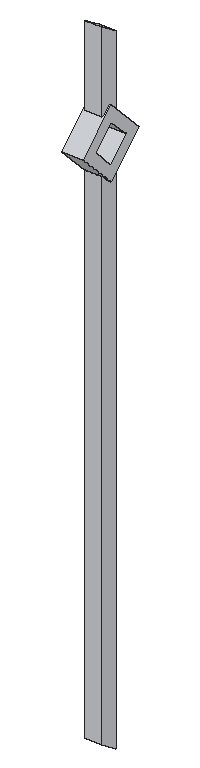
Revit family
Parameters (values of type "20mm")
  built-in parameter 1008623 [instance] = 32.47°
  built-in parameter 1008625 [instance] = (empty or 0)
  Post = no
  built-in parameter 1008624 [instance] = 32.47°
  Width = 20 mm
  t1 = Width + 5.999 mm  # 25.999 mm
  Baluster Material = none
  built-in parameter 1008622 [instance] = 762 mm
Types (3, lengths in mm): name | Width | t1
  (no name) | 20 | 25.999
  25mm | 25 | 30.999
  20mm | 20 | 25.999
Reference planes
  plane 1 "Center F/B": y = 0
  plane 2: z = 0
  plane 3 "Center L/R": x = 0
  plane 4 "Top": z = 762
  plane 5 "Top Angle Cut": through (0, 345.134, 542.379) normal (0, -0.5369, -0.8437)
  plane 6: z = 862
  plane 7: z = 609.6
  plane 8: z = 673.1
  plane 9: z = 641.35
  plane 10: x = -13
  plane 11: x = 13
  plane 12: z = -100
  plane 13: y = 50
  plane 14: x = 50
  plane 15: y = -50
  plane 16: x = -50
  plane 17 "Bottom Angle Cut": through (0, 0, 0) normal (0, -0.5369, -0.8437)
Forms (mm)
  Extrusion 1, solid, material <- "Baluster Material"
    sketch origin (0, 0, 0) x (1, 0, 0) y (0, 1, 0)
      loop
        line (-10, 10) -> (-10, -10) -> (10, -10) -> (10, 10) -> (-10, 10)
    from 673.1 to 862
  Extrusion 2, void
    sketch origin (0, 0, 0) x (0, 1, 0) y (0, 0, 1)
      loop
        line (-50, 862) -> (-50, 793.817) -> (50, 730.183) -> (50, 862) -> (-50, 862)
    from -50 to 50
  Extrusion 3, solid, material <- "Baluster Material"
    sketch origin (0, 0, 0) x (1, 0, 0) y (0, 1, 0)
      loop
        line (-10, 10) -> (-10, -10) -> (10, -10) -> (10, 10) -> (-10, 10)
    from -100 to 609.6
  Extrusion 4, solid, material <- "Baluster Material"
    sketch origin (0, 0, 0) x (0, 1, 0) y (0, 0, 1)
      loop
        line (0, 682.625) -> (-41.275, 641.35) -> (0, 600.075) -> (41.275, 641.35) -> (0, 682.625)
      loop
        line (0, 664.664) -> (-23.314, 641.35) -> (0, 618.036) -> (23.314, 641.35) -> (0, 664.664)
    from -13 to 13
  Extrusion 5, void
    sketch origin (0, 0, 0) x (0, 1, 0) y (0, 0, 1)
      loop
        line (50, -31.817) -> (-50, 31.817) -> (-50, -100) -> (50, -100) -> (50, -31.817)
    from -50 to 50
Cuts and joins
  Extrusion 2, Extrusion 5 cuts Extrusion 1
  Extrusion 5 cuts Extrusion 3
  Extrusion 5 cuts Extrusion 4
Dimensions and locks
  "built-in parameter 1008622": plane 2 to plane 4 "Top"
  locked: plane 4 "Top" to plane 6 at 100
  equal spacing: Extrusion 1 sketch curve, plane 3 "Center L/R", Extrusion 1 sketch curve
  equal spacing: Extrusion 1 sketch curve, plane 1 "Center F/B", Extrusion 1 sketch curve
  "Width": Extrusion 1 sketch curve to Extrusion 1 sketch curve  (x2)
  "Width": Extrusion 3 sketch curve to Extrusion 3 sketch curve  (x2)
  locked: plane 7 to plane 8 at 63.5
  equal spacing: plane 7, plane 9, plane 8
  equal spacing: Extrusion 3 sketch curve, plane 3 "Center L/R", Extrusion 3 sketch curve
  equal spacing: Extrusion 3 sketch curve, plane 1 "Center F/B", Extrusion 3 sketch curve
  "t1": plane 10 to plane 11
  equal spacing: plane 10, plane 3 "Center L/R", plane 11
  locked: level to plane 12 at 100
  locked: plane 7 to plane 4 "Top" at 152.4
  locked: plane 16 to plane 3 "Center L/R" at 50
  locked: plane 3 "Center L/R" to plane 14 at 50
  locked: plane 1 "Center F/B" to plane 13 at 50
  locked: plane 15 to plane 1 "Center F/B" at 50
  "built-in parameter 1008623": angle plane 4 "Top" to plane 5 "Top Angle Cut"
  "built-in parameter 1008624": angle level to plane 17 "Bottom Angle Cut"
  aligned and locked: Extrusion 1 to plane 6
  aligned and locked: Extrusion 3 to plane 7
  aligned and locked: plane 8 to Extrusion 1
  aligned and locked: Extrusion 4 to plane 10
  aligned and locked: Extrusion 4 to plane 11
  aligned and locked: Extrusion 2 to plane 16
  aligned and locked: Extrusion 2 to plane 14
  aligned and locked: plane 6 to Extrusion 2 sketch curve
  aligned and locked: plane 13 to Extrusion 2 sketch curve
  aligned and locked: plane 15 to Extrusion 2 sketch curve
  aligned and locked: Extrusion 2 sketch curve to plane 5 "Top Angle Cut"
  aligned and locked: plane 12 to Extrusion 3
  aligned and locked: Extrusion 5 sketch curve to plane 12
  aligned and locked: plane 13 to Extrusion 5 sketch curve
  aligned and locked: Extrusion 5 sketch curve to plane 15
  aligned and locked: plane 17 "Bottom Angle Cut" to Extrusion 5 sketch curve
  aligned and locked: Extrusion 5 to plane 16
  aligned and locked: Extrusion 5 to plane 14
Automatic sketch dimensions
  Extrusion 4 sketch curve to plane 9 = 0 mm  (x2)
  Extrusion 4 sketch curve to plane 1 "Center F/B" = 0 mm  (x3)
  Extrusion 4 sketch curve to plane 7 = 8.436 mm
  plane 1 "Center F/B" to Extrusion 4 sketch curve = 0 mm
  plane 9 to Extrusion 4 sketch curve = 0 mm  (x2)
  Extrusion 4 sketch curve to Extrusion 4 sketch curve = 17.961 mm
